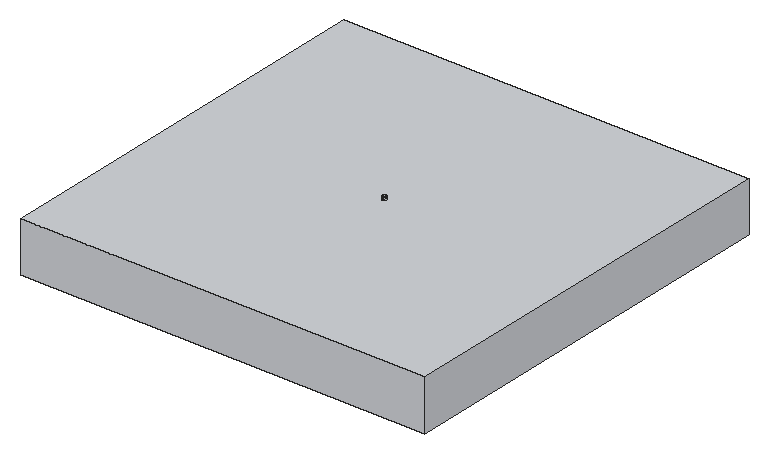
Revit family "Bolt KB-TZ2", category Modelos genéricos, Revit 2025
Family settings
  Anfitrión = Cara
  Puede alojar armadura = No
  Cota de conector redondo = Usar diámetro
  Tipo de pieza = Normal
  Corte con vacíos al cargar = No
  Mantener orientación de anotación = No
  Compartido = No
  Punto de cálculo de habitación = No
Parameters (values of type "HILTI KB-TZ2 1/2" x 5 1/2"")
  Ø = 12.7 mm
  b2 [instance] = 20 mm
  b [instance] = 60 mm
  Material = JG_Steel - Pernos
  Lookup Table Name = "Anchor & Bolt"
  L = 140 mm
  Default Elevation = 1219.2 mm
  10. SISTEMA = "ESTRUCTURAS"
  06. DESCRIPCION = "4 Anclajes Mecánicos de Expansión Tipo Kwik Bolt TZ2 para Fijación Estructural"
  03. CODIGO DE ELEMENTO = "MET-ARR-KBT-01"
  02. ELEMENTO = "Perno de Anclaje Tipo Kwik Bolt TZ2"
Reference planes
  plane 1 "Center (Front/Back)": y = 0
  plane 2: z = 0
  plane 3 "Center (Left/Right)": x = 0
  plane 4: z = -120
  plane 5: z = 20
  plane 6: z = -60
Forms (mm)
  Extrusion 1, solid
    sketch origin (0, 0, 0) x (1, 0, 0) y (0, 1, 0)
      loop
        line (-1219.2, 1219.2) -> (-1219.2, -1219.2) -> (1219.2, -1219.2) -> (1219.2, 1219.2) -> (-1219.2, 1219.2)
    from 0 to -304.8
  Sweep 2, solid, material "JG_Steel - Pernos" <- "Material"
    path origin (0, 0, 0) x (1, 0, 0) y (0, 0, 1)
      loop
        line (0, -60) -> (0, -120)
    profile origin (0, 0, -90) x (0, -1, 0) y (1, 0, 0)
      loop
        circle (0, 0) r 6.35
Dimensions and locks
  "b2": plane 5 to level
  "b": Extrusion 1 to plane 6
  "L": plane 5 to plane 4
  "Ø": diameter of Sweep 2 sketch curve
  aligned and locked: plane 2 to Extrusion 1
  aligned and locked: level to Extrusion 1
  aligned and locked: Sweep 2 sketch curve to plane 3 "Center (Left/Right)"
  aligned and locked: plane 3 "Center (Left/Right)" to Sweep 2 sketch curve
  aligned and locked: profile plane to plane 1 "Center (Front/Back)"
  aligned and locked: plane 4 to Sweep 2 sketch curve
  aligned and locked: plane 1 "Center (Front/Back)" to nested 1
  aligned and locked: nested 1 to plane 3 "Center (Left/Right)"
  aligned and locked: plane 6 to Sweep 2 sketch curve
  aligned and locked: plane 3 "Center (Left/Right)" to nested 2
  aligned and locked: plane 1 "Center (Front/Back)" to nested 2
  aligned and locked: nested 3 to plane 3 "Center (Left/Right)"
  aligned and locked: nested 3 to plane 1 "Center (Front/Back)"
Automatic sketch dimensions
  Extrusion 1 sketch curve to Extrusion 1 sketch curve = 2438.4 mm  (x2)
  plane 1 "Center (Front/Back)" to Sweep 2 sketch curve = 0 mm
Nested families
  nested 1: "Bolt Head Nut with Washer free" at (0, 0, 0) x (0, -1, 0) z (0, 0, 1), Material <- "Material", Nominal Ø <- "Ø", type "Bolt Head Nut with Washer free"
    with Nominal Ø 12.7 mm, Material JG_Steel - Pernos
  nested 2: "Rod with Detail free" at (0, 0, 0), Dimeter Rod Ø <- "Ø", Rod Length <- "b2", type "Rod with Detail free"
    with Rod Length 20 mm, Dimeter Rod Ø 12.7 mm, Bar Ø 10.1 mm
  nested 3: "Rod with Detail free" at (0, 0, -60) x (-1, 0, 0) z (0, 0, 1), Dimeter Rod Ø <- "Ø", Rod Length <- "b", type "Rod with Detail free"
    with Rod Length 60 mm, Dimeter Rod Ø 12.7 mm, Bar Ø 10.1 mm
Definition of nested family "Bolt Head Nut with Washer free"
  Parameters (values of type "Bolt Head Nut with Washer free")
    Nominal Ø [instance] = 16 mm
    Material [instance] = none
    Default Elevation = 1219.2 mm
  Reference planes
    plane 1 "Center (Front/Back)": y = 0
    plane 2: z = 0
    plane 3 "Center (Left/Right)": x = 0
  Forms (mm)
    Extrusion 1, solid
      sketch origin (0, 0, 0) x (1, 0, 0) y (0, 1, 0)
        loop
          line (-1219.2, 1219.2) -> (-1219.2, -1219.2) -> (1219.2, -1219.2) -> (1219.2, 1219.2) -> (-1219.2, 1219.2)
      from 0 to -304.8
  Dimensions and locks
    aligned and locked: plane 2 to Extrusion 1
    aligned and locked: level to Extrusion 1
    aligned and locked: nested 1 to plane 1 "Center (Front/Back)"
    aligned and locked: plane 3 "Center (Left/Right)" to nested 1
    aligned and locked: plane 3 "Center (Left/Right)" to nested 2
    aligned and locked: plane 1 "Center (Front/Back)" to nested 2
  Nested families
    nested 1: "Bold Nut free" at (0, 0, 3) x (0, 1, 0) z (0, 0, 1), Nominal Ø <- "Nominal Ø", Material <- "Material", type "Bold Nut free"
      with Thickness 10.4 mm, Nominal Ø 16 mm, Material none, Across Flat 26.4 mm, Across Corner 26.4 mm, AC1 30.36 mm
    nested 2: "Washer free" at (0, 0, 0), Nominal Ø <- "Nominal Ø", Material <- "Material", type "Washer free"
      with Thickness 3.2 mm, Outer Ø 32 mm, Nominal Ø 16 mm, Material none, Hole Ø 17.6 mm
  Definition of nested family "Bold Nut free"
    Parameters (values of type "Bold Nut free")
      Thickness [instance] = Nominal Ø * 0.65  # 10.4 mm
      Nominal Ø [instance] = 16 mm
      Material [instance] = none
      Default Elevation = 1219.2 mm
      Across Flat [instance] = Nominal Ø * 1.65  # 26.4 mm
      Across Corner [instance] = Nominal Ø * 1.65  # 26.4 mm
      AC1 [instance] = Across Corner * 1.15  # 30.36 mm
    Reference planes
      plane 1 "Center (Front/Back)": y = 0
      plane 2: z = 0
      plane 3 "Center (Left/Right)": x = 0
      plane 4: y = 13.2
      plane 5: y = -13.2
      plane 6: z = 10.4
    Forms (mm)
      Extrusion 1, solid
        sketch origin (0, 0, 0) x (1, 0, 0) y (0, 1, 0)
          loop
            line (-1219.2, 1219.2) -> (-1219.2, -1219.2) -> (1219.2, -1219.2) -> (1219.2, 1219.2) -> (-1219.2, 1219.2)
        from 0 to -304.8
      Extrusion 2, solid, material <- "Material"
        sketch origin (0, 0, 0) x (1, 0, 0) y (0, 1, 0)
          loop
            line (-7.621, 13.2) -> (-15.242, 0) -> (-7.621, -13.2) -> (7.621, -13.2) -> (15.242, 0) -> (7.621, 13.2) -> (-7.621, 13.2)
          loop
            circle (0, 0) r 8
        from 0 to 10.4
    Dimensions and locks
      equal spacing: plane 4, plane 1 "Center (Front/Back)", plane 5
      "Across Flat": plane 4 to plane 5
      equal spacing: Extrusion 2 sketch curve, plane 3 "Center (Left/Right)", Extrusion 2 sketch curve  (x2)
      "Across Flat": Extrusion 2 sketch curve to Extrusion 2 sketch curve  (x2)
      "Thickness": plane 6 to plane 2
      "Nominal Ø": diameter of Extrusion 2 sketch curve
      angle Extrusion 2 sketch curve to Extrusion 2 sketch curve = 120.00°  (x3)
      aligned and locked: plane 2 to Extrusion 1
      aligned and locked: level to Extrusion 1
      aligned and locked: plane 4 to Extrusion 2 sketch curve
      aligned and locked: Extrusion 2 sketch curve to plane 5
      aligned and locked: plane 6 to Extrusion 2
      aligned and locked: plane 3 "Center (Left/Right)" to Extrusion 2 sketch curve
      aligned and locked: plane 1 "Center (Front/Back)" to Extrusion 2 sketch curve
    Automatic sketch dimensions
      Extrusion 1 sketch curve to Extrusion 1 sketch curve = 2438.4 mm  (x2)
  Definition of nested family "Washer free"
    Parameters (values of type "Washer free")
      Thickness [instance] = Nominal Ø * 0.2  # 3.2 mm
      Outer Ø [instance] = Nominal Ø * 2  # 32 mm
      Nominal Ø [instance] = 16 mm
      Material [instance] = none
      Lookup Table Name = "Washer"
      Hole Ø [instance] = Nominal Ø * 1.1  # 17.6 mm
      Default Elevation = 1219.2 mm
    Reference planes
      plane 1 "Center (Front/Back)": y = 0
      plane 2: z = 0
      plane 3 "Center (Left/Right)": x = 0
      plane 4: z = 3.2
    Forms (mm)
      Extrusion 1, solid
        sketch origin (0, 0, 0) x (1, 0, 0) y (0, 1, 0)
          loop
            line (-1219.2, 1219.2) -> (-1219.2, -1219.2) -> (1219.2, -1219.2) -> (1219.2, 1219.2) -> (-1219.2, 1219.2)
        from 0 to -304.8
      Extrusion 2, solid, material <- "Material"
        sketch origin (0, 0, 0) x (1, 0, 0) y (0, 1, 0)
          loop
            circle (0, 0) r 16
          loop
            circle (0, 0) r 8.8
        from 0 to 3.2
    Dimensions and locks
      "Thickness": plane 4 to plane 2
      "Outer Ø": diameter of Extrusion 2 sketch curve
      "Hole Ø": diameter of Extrusion 2 sketch curve
      aligned and locked: plane 2 to Extrusion 1
      aligned and locked: level to Extrusion 1
      aligned and locked: plane 1 "Center (Front/Back)" to Extrusion 2 sketch curve  (x2)
      aligned and locked: plane 3 "Center (Left/Right)" to Extrusion 2 sketch curve  (x2)
      aligned and locked: plane 4 to Extrusion 2
    Automatic sketch dimensions
      Extrusion 1 sketch curve to Extrusion 1 sketch curve = 2438.4 mm  (x2)
Definition of nested family "Rod with Detail free"
  Parameters (values of type "Rod with Detail free")
    Rod Length [instance] = 70 mm
    Material = none
    Dimeter Rod Ø [instance] = 25.4 mm
    Default Elevation = 1219.2 mm
    Bar Ø [instance] = Dimeter Rod Ø - 2.6 mm  # 22.8 mm
  Reference planes
    plane 1 "Center (Front/Back)": y = 0
    plane 2: z = 0
    plane 3 "Center (Left/Right)": x = 0
    plane 4: z = 70
  Forms (mm)
    Extrusion 1, solid
      sketch origin (0, 0, 0) x (1, 0, 0) y (0, 1, 0)
        loop
          line (-1219.2, 1219.2) -> (-1219.2, -1219.2) -> (1219.2, -1219.2) -> (1219.2, 1219.2) -> (-1219.2, 1219.2)
      from 0 to -304.8
  Dimensions and locks
    "Rod Length": plane 4 to Extrusion 1
    aligned and locked: plane 2 to Extrusion 1
    aligned and locked: level to Extrusion 1
    aligned and locked: plane 1 "Center (Front/Back)" to nested 1
    aligned and locked: plane 3 "Center (Left/Right)" to nested 1
    aligned and locked: plane 1 "Center (Front/Back)" to nested 2
    aligned and locked: plane 3 "Center (Left/Right)" to nested 2
  Automatic sketch dimensions
    Extrusion 1 sketch curve to Extrusion 1 sketch curve = 2438.4 mm  (x2)
  Nested families
    nested 1: "Rod" at (0, 0, 0), Rod Material <- "Material", Rod L <- "Rod Length", Rod Ø <- "Bar Ø", type "Rod"
      with Rod Ø 22.8 mm, Rod Material none, Rod L 70 mm
    nested 2: "Rod Part" at (0, 0, 0), Rod Ø <- "Dimeter Rod Ø", Rod Length <- "Rod Length", type "Rod Part"
      with Rod Ø 25.4 mm, Rod radius 12.7 mm, Rod Length 70 mm, Array Numbers 46
  Definition of nested family "Rod"
    Parameters (values of type "Rod")
      Rod Ø [instance] = 32 mm
      Rod Material [instance] = none
      Rod L [instance] = 200 mm
      Default Elevation = 1219.2 mm
    Reference planes
      plane 1 "Center (Front/Back)": y = 0
      plane 2: z = 0
      plane 3 "Center (Left/Right)": x = 0
      plane 4: z = 200
    Forms (mm)
      Extrusion 1, solid
        sketch origin (0, 0, 0) x (1, 0, 0) y (0, 1, 0)
          loop
            line (-1219.2, 1219.2) -> (-1219.2, -1219.2) -> (1219.2, -1219.2) -> (1219.2, 1219.2) -> (-1219.2, 1219.2)
        from 0 to -304.8
      Extrusion 2, solid, material <- "Rod Material"
        sketch origin (0, 0, 0) x (1, 0, 0) y (0, 1, 0)
          loop
            circle (0, 0) r 16
        from 0 to 200
    Dimensions and locks
      "Rod L": plane 4 to Extrusion 1
      "Rod Ø": diameter of Extrusion 2 sketch curve
      aligned and locked: plane 2 to Extrusion 1
      aligned and locked: level to Extrusion 1
      aligned and locked: Extrusion 2 to Extrusion 1
      aligned and locked: plane 4 to Extrusion 2
    Automatic sketch dimensions
      Extrusion 1 sketch curve to Extrusion 1 sketch curve = 2438.4 mm  (x2)
      plane 1 "Center (Front/Back)" to Extrusion 2 sketch curve = 0 mm
      Extrusion 2 sketch curve to plane 3 "Center (Left/Right)" = 0 mm
  Definition of nested family "Rod Part"
    Parameters (values of type "Rod Part")
      Rod Ø [instance] = 16 mm
      Rod radius [instance] = Rod Ø / 2  # 8 mm
      Rod material = none
      Rod Length [instance] = 40 mm
      Default Elevation = 1219.2 mm
      Array Numbers [instance] = (Rod Length / 1.5 mm) - 1  # 26
    Reference planes
      plane 1 "Center (Front/Back)": y = 0
      plane 2: z = 0
      plane 3 "Center (Left/Right)": x = 0
      plane 4: x = 8
      plane 5: x = -8
      plane 6: z = 0.75
      plane 7: z = 2.25
      plane 8: z = 1.5
      plane 9: z = 40
      plane 10: z = 3
    Forms (mm)
      Extrusion 1, solid
        sketch origin (0, 0, 0) x (1, 0, 0) y (0, 1, 0)
          loop
            line (-1219.2, 1219.2) -> (-1219.2, -1219.2) -> (1219.2, -1219.2) -> (1219.2, 1219.2) -> (-1219.2, 1219.2)
        from 0 to -304.8
      SweptBlend 2, solid, material <- "Rod material"
        path origin (0, 0, -12.723) x (1, 0, 0) y (0, 1, 0)
          loop
            arc (-8, 0) -> (0, -8) -> (8, 0) r 8
        profile origin (-8, 0, -12.723) x (1, 0, 0) y (0, 0, 1)
          loop
            line (0, 12.75) -> (1.299, 12) -> (1.299, 13.5) -> (0, 12.75)
        end profile origin (8, 0, -12.723) x (-1, 0, 0) y (0, 0, 1)
          loop
            line (0, 12) -> (1.299, 11.25) -> (1.299, 12.75) -> (0, 12)
      SweptBlend 3, solid
        path origin (0, 0, -11.223) x (1, 0, 0) y (0, 1, 0)
          loop
            arc (-8, 0) -> (0, -8) -> (8, 0) r 8
        profile origin (-8, 0, -11.223) x (1, 0, 0) y (0, 0, 1)
          loop
            line (0, 12.75) -> (1.299, 12) -> (1.299, 13.5) -> (0, 12.75)
        end profile origin (8, 0, -11.223) x (-1, 0, 0) y (0, 0, 1)
          loop
            line (0, 12) -> (1.299, 11.25) -> (1.299, 12.75) -> (0, 12)
      SweptBlend 4, solid, material <- "Rod material"
        path origin (0, 0, -9.723) x (1, 0, 0) y (0, 1, 0)
          loop
            arc (-8, 0) -> (0, 8) -> (8, 0) r 8
        profile origin (-8, 0, -9.723) x (-1, 0, 0) y (0, 0, 1)
          loop
            line (0, 9.75) -> (-1.299, 10.5) -> (-1.299, 9) -> (0, 9.75)
        end profile origin (8, 0, -9.723) x (1, 0, 0) y (0, 0, 1)
          loop
            line (0, 10.5) -> (-1.299, 11.25) -> (-1.299, 9.75) -> (0, 10.5)
      SweptBlend 5, solid
        path origin (0, 0, -8.223) x (1, 0, 0) y (0, 1, 0)
          loop
            arc (-8, 0) -> (0, 8) -> (8, 0) r 8
        profile origin (-8, 0, -8.223) x (-1, 0, 0) y (0, 0, 1)
          loop
            line (0, 9.75) -> (-1.299, 10.5) -> (-1.299, 9) -> (0, 9.75)
        end profile origin (8, 0, -8.223) x (1, 0, 0) y (0, 0, 1)
          loop
            line (0, 10.5) -> (-1.299, 11.25) -> (-1.299, 9.75) -> (0, 10.5)
      SweptBlend 6, solid
        path origin (0, 0, -9.75) x (1, 0, 0) y (0, 1, 0)
          loop
            arc (-8, 0) -> (0, -8) -> (8, 0) r 8
        profile origin (-8, 0, -9.75) x (1, 0, 0) y (0, 0, 1)
          loop
            line (0, 12.75) -> (1.299, 12) -> (1.299, 13.5) -> (0, 12.75)
        end profile origin (8, 0, -9.75) x (-1, 0, 0) y (0, 0, 1)
          loop
            line (0, 12) -> (1.299, 11.25) -> (1.299, 12.75) -> (0, 12)
      SweptBlend 7, solid
        path origin (0, 0, -6.75) x (1, 0, 0) y (0, 1, 0)
          loop
            arc (-8, 0) -> (0, 8) -> (8, 0) r 8
        profile origin (-8, 0, -6.75) x (-1, 0, 0) y (0, 0, 1)
          loop
            line (0, 9.75) -> (-1.299, 10.5) -> (-1.299, 9) -> (0, 9.75)
        end profile origin (8, 0, -6.75) x (1, 0, 0) y (0, 0, 1)
          loop
            line (0, 10.5) -> (-1.299, 11.25) -> (-1.299, 9.75) -> (0, 10.5)
      SweptBlend 8, solid
        path origin (0, 0, -8.277) x (1, 0, 0) y (0, 1, 0)
          loop
            arc (-8, 0) -> (0, -8) -> (8, 0) r 8
        profile origin (-8, 0, -8.277) x (1, 0, 0) y (0, 0, 1)
          loop
            line (0, 12.75) -> (1.299, 12) -> (1.299, 13.5) -> (0, 12.75)
        end profile origin (8, 0, -8.277) x (-1, 0, 0) y (0, 0, 1)
          loop
            line (0, 12) -> (1.299, 11.25) -> (1.299, 12.75) -> (0, 12)
      SweptBlend 9, solid
        path origin (0, 0, -5.277) x (1, 0, 0) y (0, 1, 0)
          loop
            arc (-8, 0) -> (0, 8) -> (8, 0) r 8
        profile origin (-8, 0, -5.277) x (-1, 0, 0) y (0, 0, 1)
          loop
            line (0, 9.75) -> (-1.299, 10.5) -> (-1.299, 9) -> (0, 9.75)
        end profile origin (8, 0, -5.277) x (1, 0, 0) y (0, 0, 1)
          loop
            line (0, 10.5) -> (-1.299, 11.25) -> (-1.299, 9.75) -> (0, 10.5)
      SweptBlend 10, solid
        path origin (0, 0, -6.805) x (1, 0, 0) y (0, 1, 0)
          loop
            arc (-8, 0) -> (0, -8) -> (8, 0) r 8
        profile origin (-8, 0, -6.805) x (1, 0, 0) y (0, 0, 1)
          loop
            line (0, 12.75) -> (1.299, 12) -> (1.299, 13.5) -> (0, 12.75)
        end profile origin (8, 0, -6.805) x (-1, 0, 0) y (0, 0, 1)
          loop
            line (0, 12) -> (1.299, 11.25) -> (1.299, 12.75) -> (0, 12)
      SweptBlend 11, solid
        path origin (0, 0, -3.805) x (1, 0, 0) y (0, 1, 0)
          loop
            arc (-8, 0) -> (0, 8) -> (8, 0) r 8
        profile origin (-8, 0, -3.805) x (-1, 0, 0) y (0, 0, 1)
          loop
            line (0, 9.75) -> (-1.299, 10.5) -> (-1.299, 9) -> (0, 9.75)
        end profile origin (8, 0, -3.805) x (1, 0, 0) y (0, 0, 1)
          loop
            line (0, 10.5) -> (-1.299, 11.25) -> (-1.299, 9.75) -> (0, 10.5)
      SweptBlend 12, solid
        path origin (0, 0, -5.332) x (1, 0, 0) y (0, 1, 0)
          loop
            arc (-8, 0) -> (0, -8) -> (8, 0) r 8
        profile origin (-8, 0, -5.332) x (1, 0, 0) y (0, 0, 1)
          loop
            line (0, 12.75) -> (1.299, 12) -> (1.299, 13.5) -> (0, 12.75)
        end profile origin (8, 0, -5.332) x (-1, 0, 0) y (0, 0, 1)
          loop
            line (0, 12) -> (1.299, 11.25) -> (1.299, 12.75) -> (0, 12)
      SweptBlend 13, solid
        path origin (0, 0, -2.332) x (1, 0, 0) y (0, 1, 0)
          loop
            arc (-8, 0) -> (0, 8) -> (8, 0) r 8
        profile origin (-8, 0, -2.332) x (-1, 0, 0) y (0, 0, 1)
          loop
            line (0, 9.75) -> (-1.299, 10.5) -> (-1.299, 9) -> (0, 9.75)
        end profile origin (8, 0, -2.332) x (1, 0, 0) y (0, 0, 1)
          loop
            line (0, 10.5) -> (-1.299, 11.25) -> (-1.299, 9.75) -> (0, 10.5)
      SweptBlend 14, solid
        path origin (0, 0, -3.86) x (1, 0, 0) y (0, 1, 0)
          loop
            arc (-8, 0) -> (0, -8) -> (8, 0) r 8
        profile origin (-8, 0, -3.86) x (1, 0, 0) y (0, 0, 1)
          loop
            line (0, 12.75) -> (1.299, 12) -> (1.299, 13.5) -> (0, 12.75)
        end profile origin (8, 0, -3.86) x (-1, 0, 0) y (0, 0, 1)
          loop
            line (0, 12) -> (1.299, 11.25) -> (1.299, 12.75) -> (0, 12)
      SweptBlend 15, solid
        path origin (0, 0, -0.86) x (1, 0, 0) y (0, 1, 0)
          loop
            arc (-8, 0) -> (0, 8) -> (8, 0) r 8
        profile origin (-8, 0, -0.86) x (-1, 0, 0) y (0, 0, 1)
          loop
            line (0, 9.75) -> (-1.299, 10.5) -> (-1.299, 9) -> (0, 9.75)
        end profile origin (8, 0, -0.86) x (1, 0, 0) y (0, 0, 1)
          loop
            line (0, 10.5) -> (-1.299, 11.25) -> (-1.299, 9.75) -> (0, 10.5)
      SweptBlend 16, solid
        path origin (0, 0, -2.387) x (1, 0, 0) y (0, 1, 0)
          loop
            arc (-8, 0) -> (0, -8) -> (8, 0) r 8
        profile origin (-8, 0, -2.387) x (1, 0, 0) y (0, 0, 1)
          loop
            line (0, 12.75) -> (1.299, 12) -> (1.299, 13.5) -> (0, 12.75)
        end profile origin (8, 0, -2.387) x (-1, 0, 0) y (0, 0, 1)
          loop
            line (0, 12) -> (1.299, 11.25) -> (1.299, 12.75) -> (0, 12)
      SweptBlend 17, solid
        path origin (0, 0, 0.613) x (1, 0, 0) y (0, 1, 0)
          loop
            arc (-8, 0) -> (0, 8) -> (8, 0) r 8
        profile origin (-8, 0, 0.613) x (-1, 0, 0) y (0, 0, 1)
          loop
            line (0, 9.75) -> (-1.299, 10.5) -> (-1.299, 9) -> (0, 9.75)
        end profile origin (8, 0, 0.613) x (1, 0, 0) y (0, 0, 1)
          loop
            line (0, 10.5) -> (-1.299, 11.25) -> (-1.299, 9.75) -> (0, 10.5)
      SweptBlend 18, solid
        path origin (0, 0, -0.915) x (1, 0, 0) y (0, 1, 0)
          loop
            arc (-8, 0) -> (0, -8) -> (8, 0) r 8
        profile origin (-8, 0, -0.915) x (1, 0, 0) y (0, 0, 1)
          loop
            line (0, 12.75) -> (1.299, 12) -> (1.299, 13.5) -> (0, 12.75)
        end profile origin (8, 0, -0.915) x (-1, 0, 0) y (0, 0, 1)
          loop
            line (0, 12) -> (1.299, 11.25) -> (1.299, 12.75) -> (0, 12)
      SweptBlend 19, solid
        path origin (0, 0, 2.085) x (1, 0, 0) y (0, 1, 0)
          loop
            arc (-8, 0) -> (0, 8) -> (8, 0) r 8
        profile origin (-8, 0, 2.085) x (-1, 0, 0) y (0, 0, 1)
          loop
            line (0, 9.75) -> (-1.299, 10.5) -> (-1.299, 9) -> (0, 9.75)
        end profile origin (8, 0, 2.085) x (1, 0, 0) y (0, 0, 1)
          loop
            line (0, 10.5) -> (-1.299, 11.25) -> (-1.299, 9.75) -> (0, 10.5)
      SweptBlend 20, solid
        path origin (0, 0, 0.558) x (1, 0, 0) y (0, 1, 0)
          loop
            arc (-8, 0) -> (0, -8) -> (8, 0) r 8
        profile origin (-8, 0, 0.558) x (1, 0, 0) y (0, 0, 1)
          loop
            line (0, 12.75) -> (1.299, 12) -> (1.299, 13.5) -> (0, 12.75)
        end profile origin (8, 0, 0.558) x (-1, 0, 0) y (0, 0, 1)
          loop
            line (0, 12) -> (1.299, 11.25) -> (1.299, 12.75) -> (0, 12)
      SweptBlend 21, solid
        path origin (0, 0, 3.558) x (1, 0, 0) y (0, 1, 0)
          loop
            arc (-8, 0) -> (0, 8) -> (8, 0) r 8
        profile origin (-8, 0, 3.558) x (-1, 0, 0) y (0, 0, 1)
          loop
            line (0, 9.75) -> (-1.299, 10.5) -> (-1.299, 9) -> (0, 9.75)
        end profile origin (8, 0, 3.558) x (1, 0, 0) y (0, 0, 1)
          loop
            line (0, 10.5) -> (-1.299, 11.25) -> (-1.299, 9.75) -> (0, 10.5)
      SweptBlend 22, solid
        path origin (0, 0, 2.031) x (1, 0, 0) y (0, 1, 0)
          loop
            arc (-8, 0) -> (0, -8) -> (8, 0) r 8
        profile origin (-8, 0, 2.031) x (1, 0, 0) y (0, 0, 1)
          loop
            line (0, 12.75) -> (1.299, 12) -> (1.299, 13.5) -> (0, 12.75)
        end profile origin (8, 0, 2.031) x (-1, 0, 0) y (0, 0, 1)
          loop
            line (0, 12) -> (1.299, 11.25) -> (1.299, 12.75) -> (0, 12)
      SweptBlend 23, solid
        path origin (0, 0, 5.031) x (1, 0, 0) y (0, 1, 0)
          loop
            arc (-8, 0) -> (0, 8) -> (8, 0) r 8
        profile origin (-8, 0, 5.031) x (-1, 0, 0) y (0, 0, 1)
          loop
            line (0, 9.75) -> (-1.299, 10.5) -> (-1.299, 9) -> (0, 9.75)
        end profile origin (8, 0, 5.031) x (1, 0, 0) y (0, 0, 1)
          loop
            line (0, 10.5) -> (-1.299, 11.25) -> (-1.299, 9.75) -> (0, 10.5)
      SweptBlend 24, solid
        path origin (0, 0, 3.503) x (1, 0, 0) y (0, 1, 0)
          loop
            arc (-8, 0) -> (0, -8) -> (8, 0) r 8
        profile origin (-8, 0, 3.503) x (1, 0, 0) y (0, 0, 1)
          loop
            line (0, 12.75) -> (1.299, 12) -> (1.299, 13.5) -> (0, 12.75)
        end profile origin (8, 0, 3.503) x (-1, 0, 0) y (0, 0, 1)
          loop
            line (0, 12) -> (1.299, 11.25) -> (1.299, 12.75) -> (0, 12)
      SweptBlend 25, solid
        path origin (0, 0, 6.503) x (1, 0, 0) y (0, 1, 0)
          loop
            arc (-8, 0) -> (0, 8) -> (8, 0) r 8
        profile origin (-8, 0, 6.503) x (-1, 0, 0) y (0, 0, 1)
          loop
            line (0, 9.75) -> (-1.299, 10.5) -> (-1.299, 9) -> (0, 9.75)
        end profile origin (8, 0, 6.503) x (1, 0, 0) y (0, 0, 1)
          loop
            line (0, 10.5) -> (-1.299, 11.25) -> (-1.299, 9.75) -> (0, 10.5)
      SweptBlend 26, solid
        path origin (0, 0, 4.976) x (1, 0, 0) y (0, 1, 0)
          loop
            arc (-8, 0) -> (0, -8) -> (8, 0) r 8
        profile origin (-8, 0, 4.976) x (1, 0, 0) y (0, 0, 1)
          loop
            line (0, 12.75) -> (1.299, 12) -> (1.299, 13.5) -> (0, 12.75)
        end profile origin (8, 0, 4.976) x (-1, 0, 0) y (0, 0, 1)
          loop
            line (0, 12) -> (1.299, 11.25) -> (1.299, 12.75) -> (0, 12)
      SweptBlend 27, solid
        path origin (0, 0, 7.976) x (1, 0, 0) y (0, 1, 0)
          loop
            arc (-8, 0) -> (0, 8) -> (8, 0) r 8
        profile origin (-8, 0, 7.976) x (-1, 0, 0) y (0, 0, 1)
          loop
            line (0, 9.75) -> (-1.299, 10.5) -> (-1.299, 9) -> (0, 9.75)
        end profile origin (8, 0, 7.976) x (1, 0, 0) y (0, 0, 1)
          loop
            line (0, 10.5) -> (-1.299, 11.25) -> (-1.299, 9.75) -> (0, 10.5)
      SweptBlend 28, solid
        path origin (0, 0, 6.448) x (1, 0, 0) y (0, 1, 0)
          loop
            arc (-8, 0) -> (0, -8) -> (8, 0) r 8
        profile origin (-8, 0, 6.448) x (1, 0, 0) y (0, 0, 1)
          loop
            line (0, 12.75) -> (1.299, 12) -> (1.299, 13.5) -> (0, 12.75)
        end profile origin (8, 0, 6.448) x (-1, 0, 0) y (0, 0, 1)
          loop
            line (0, 12) -> (1.299, 11.25) -> (1.299, 12.75) -> (0, 12)
      SweptBlend 29, solid
        path origin (0, 0, 9.448) x (1, 0, 0) y (0, 1, 0)
          loop
            arc (-8, 0) -> (0, 8) -> (8, 0) r 8
        profile origin (-8, 0, 9.448) x (-1, 0, 0) y (0, 0, 1)
          loop
            line (0, 9.75) -> (-1.299, 10.5) -> (-1.299, 9) -> (0, 9.75)
        end profile origin (8, 0, 9.448) x (1, 0, 0) y (0, 0, 1)
          loop
            line (0, 10.5) -> (-1.299, 11.25) -> (-1.299, 9.75) -> (0, 10.5)
      SweptBlend 30, solid
        path origin (0, 0, 7.921) x (1, 0, 0) y (0, 1, 0)
          loop
            arc (-8, 0) -> (0, -8) -> (8, 0) r 8
        profile origin (-8, 0, 7.921) x (1, 0, 0) y (0, 0, 1)
          loop
            line (0, 12.75) -> (1.299, 12) -> (1.299, 13.5) -> (0, 12.75)
        end profile origin (8, 0, 7.921) x (-1, 0, 0) y (0, 0, 1)
          loop
            line (0, 12) -> (1.299, 11.25) -> (1.299, 12.75) -> (0, 12)
      SweptBlend 31, solid
        path origin (0, 0, 10.921) x (1, 0, 0) y (0, 1, 0)
          loop
            arc (-8, 0) -> (0, 8) -> (8, 0) r 8
        profile origin (-8, 0, 10.921) x (-1, 0, 0) y (0, 0, 1)
          loop
            line (0, 9.75) -> (-1.299, 10.5) -> (-1.299, 9) -> (0, 9.75)
        end profile origin (8, 0, 10.921) x (1, 0, 0) y (0, 0, 1)
          loop
            line (0, 10.5) -> (-1.299, 11.25) -> (-1.299, 9.75) -> (0, 10.5)
      SweptBlend 32, solid
        path origin (0, 0, 9.393) x (1, 0, 0) y (0, 1, 0)
          loop
            arc (-8, 0) -> (0, -8) -> (8, 0) r 8
        profile origin (-8, 0, 9.393) x (1, 0, 0) y (0, 0, 1)
          loop
            line (0, 12.75) -> (1.299, 12) -> (1.299, 13.5) -> (0, 12.75)
        end profile origin (8, 0, 9.393) x (-1, 0, 0) y (0, 0, 1)
          loop
            line (0, 12) -> (1.299, 11.25) -> (1.299, 12.75) -> (0, 12)
      SweptBlend 33, solid
        path origin (0, 0, 12.393) x (1, 0, 0) y (0, 1, 0)
          loop
            arc (-8, 0) -> (0, 8) -> (8, 0) r 8
        profile origin (-8, 0, 12.393) x (-1, 0, 0) y (0, 0, 1)
          loop
            line (0, 9.75) -> (-1.299, 10.5) -> (-1.299, 9) -> (0, 9.75)
        end profile origin (8, 0, 12.393) x (1, 0, 0) y (0, 0, 1)
          loop
            line (0, 10.5) -> (-1.299, 11.25) -> (-1.299, 9.75) -> (0, 10.5)
      SweptBlend 34, solid
        path origin (0, 0, 10.866) x (1, 0, 0) y (0, 1, 0)
          loop
            arc (-8, 0) -> (0, -8) -> (8, 0) r 8
        profile origin (-8, 0, 10.866) x (1, 0, 0) y (0, 0, 1)
          loop
            line (0, 12.75) -> (1.299, 12) -> (1.299, 13.5) -> (0, 12.75)
        end profile origin (8, 0, 10.866) x (-1, 0, 0) y (0, 0, 1)
          loop
            line (0, 12) -> (1.299, 11.25) -> (1.299, 12.75) -> (0, 12)
      SweptBlend 35, solid
        path origin (0, 0, 13.866) x (1, 0, 0) y (0, 1, 0)
          loop
            arc (-8, 0) -> (0, 8) -> (8, 0) r 8
        profile origin (-8, 0, 13.866) x (-1, 0, 0) y (0, 0, 1)
          loop
            line (0, 9.75) -> (-1.299, 10.5) -> (-1.299, 9) -> (0, 9.75)
        end profile origin (8, 0, 13.866) x (1, 0, 0) y (0, 0, 1)
          loop
            line (0, 10.5) -> (-1.299, 11.25) -> (-1.299, 9.75) -> (0, 10.5)
      SweptBlend 36, solid
        path origin (0, 0, 12.339) x (1, 0, 0) y (0, 1, 0)
          loop
            arc (-8, 0) -> (0, -8) -> (8, 0) r 8
        profile origin (-8, 0, 12.339) x (1, 0, 0) y (0, 0, 1)
          loop
            line (0, 12.75) -> (1.299, 12) -> (1.299, 13.5) -> (0, 12.75)
        end profile origin (8, 0, 12.339) x (-1, 0, 0) y (0, 0, 1)
          loop
            line (0, 12) -> (1.299, 11.25) -> (1.299, 12.75) -> (0, 12)
      SweptBlend 37, solid
        path origin (0, 0, 15.339) x (1, 0, 0) y (0, 1, 0)
          loop
            arc (-8, 0) -> (0, 8) -> (8, 0) r 8
        profile origin (-8, 0, 15.339) x (-1, 0, 0) y (0, 0, 1)
          loop
            line (0, 9.75) -> (-1.299, 10.5) -> (-1.299, 9) -> (0, 9.75)
        end profile origin (8, 0, 15.339) x (1, 0, 0) y (0, 0, 1)
          loop
            line (0, 10.5) -> (-1.299, 11.25) -> (-1.299, 9.75) -> (0, 10.5)
      SweptBlend 38, solid
        path origin (0, 0, 13.811) x (1, 0, 0) y (0, 1, 0)
          loop
            arc (-8, 0) -> (0, -8) -> (8, 0) r 8
        profile origin (-8, 0, 13.811) x (1, 0, 0) y (0, 0, 1)
          loop
            line (0, 12.75) -> (1.299, 12) -> (1.299, 13.5) -> (0, 12.75)
        end profile origin (8, 0, 13.811) x (-1, 0, 0) y (0, 0, 1)
          loop
            line (0, 12) -> (1.299, 11.25) -> (1.299, 12.75) -> (0, 12)
      SweptBlend 39, solid
        path origin (0, 0, 16.811) x (1, 0, 0) y (0, 1, 0)
          loop
            arc (-8, 0) -> (0, 8) -> (8, 0) r 8
        profile origin (-8, 0, 16.811) x (-1, 0, 0) y (0, 0, 1)
          loop
            line (0, 9.75) -> (-1.299, 10.5) -> (-1.299, 9) -> (0, 9.75)
        end profile origin (8, 0, 16.811) x (1, 0, 0) y (0, 0, 1)
          loop
            line (0, 10.5) -> (-1.299, 11.25) -> (-1.299, 9.75) -> (0, 10.5)
      SweptBlend 40, solid
        path origin (0, 0, 15.284) x (1, 0, 0) y (0, 1, 0)
          loop
            arc (-8, 0) -> (0, -8) -> (8, 0) r 8
        profile origin (-8, 0, 15.284) x (1, 0, 0) y (0, 0, 1)
          loop
            line (0, 12.75) -> (1.299, 12) -> (1.299, 13.5) -> (0, 12.75)
        end profile origin (8, 0, 15.284) x (-1, 0, 0) y (0, 0, 1)
          loop
            line (0, 12) -> (1.299, 11.25) -> (1.299, 12.75) -> (0, 12)
      SweptBlend 41, solid
        path origin (0, 0, 18.284) x (1, 0, 0) y (0, 1, 0)
          loop
            arc (-8, 0) -> (0, 8) -> (8, 0) r 8
        profile origin (-8, 0, 18.284) x (-1, 0, 0) y (0, 0, 1)
          loop
            line (0, 9.75) -> (-1.299, 10.5) -> (-1.299, 9) -> (0, 9.75)
        end profile origin (8, 0, 18.284) x (1, 0, 0) y (0, 0, 1)
          loop
            line (0, 10.5) -> (-1.299, 11.25) -> (-1.299, 9.75) -> (0, 10.5)
      SweptBlend 42, solid
        path origin (0, 0, 16.756) x (1, 0, 0) y (0, 1, 0)
          loop
            arc (-8, 0) -> (0, -8) -> (8, 0) r 8
        profile origin (-8, 0, 16.756) x (1, 0, 0) y (0, 0, 1)
          loop
            line (0, 12.75) -> (1.299, 12) -> (1.299, 13.5) -> (0, 12.75)
        end profile origin (8, 0, 16.756) x (-1, 0, 0) y (0, 0, 1)
          loop
            line (0, 12) -> (1.299, 11.25) -> (1.299, 12.75) -> (0, 12)
      SweptBlend 43, solid
        path origin (0, 0, 19.756) x (1, 0, 0) y (0, 1, 0)
          loop
            arc (-8, 0) -> (0, 8) -> (8, 0) r 8
        profile origin (-8, 0, 19.756) x (-1, 0, 0) y (0, 0, 1)
          loop
            line (0, 9.75) -> (-1.299, 10.5) -> (-1.299, 9) -> (0, 9.75)
        end profile origin (8, 0, 19.756) x (1, 0, 0) y (0, 0, 1)
          loop
            line (0, 10.5) -> (-1.299, 11.25) -> (-1.299, 9.75) -> (0, 10.5)
      SweptBlend 44, solid
        path origin (0, 0, 18.229) x (1, 0, 0) y (0, 1, 0)
          loop
            arc (-8, 0) -> (0, -8) -> (8, 0) r 8
        profile origin (-8, 0, 18.229) x (1, 0, 0) y (0, 0, 1)
          loop
            line (0, 12.75) -> (1.299, 12) -> (1.299, 13.5) -> (0, 12.75)
        end profile origin (8, 0, 18.229) x (-1, 0, 0) y (0, 0, 1)
          loop
            line (0, 12) -> (1.299, 11.25) -> (1.299, 12.75) -> (0, 12)
      SweptBlend 45, solid
        path origin (0, 0, 21.229) x (1, 0, 0) y (0, 1, 0)
          loop
            arc (-8, 0) -> (0, 8) -> (8, 0) r 8
        profile origin (-8, 0, 21.229) x (-1, 0, 0) y (0, 0, 1)
          loop
            line (0, 9.75) -> (-1.299, 10.5) -> (-1.299, 9) -> (0, 9.75)
        end profile origin (8, 0, 21.229) x (1, 0, 0) y (0, 0, 1)
          loop
            line (0, 10.5) -> (-1.299, 11.25) -> (-1.299, 9.75) -> (0, 10.5)
      SweptBlend 46, solid
        path origin (0, 0, 19.701) x (1, 0, 0) y (0, 1, 0)
          loop
            arc (-8, 0) -> (0, -8) -> (8, 0) r 8
        profile origin (-8, 0, 19.701) x (1, 0, 0) y (0, 0, 1)
          loop
            line (0, 12.75) -> (1.299, 12) -> (1.299, 13.5) -> (0, 12.75)
        end profile origin (8, 0, 19.701) x (-1, 0, 0) y (0, 0, 1)
          loop
            line (0, 12) -> (1.299, 11.25) -> (1.299, 12.75) -> (0, 12)
      SweptBlend 47, solid
        path origin (0, 0, 22.701) x (1, 0, 0) y (0, 1, 0)
          loop
            arc (-8, 0) -> (0, 8) -> (8, 0) r 8
        profile origin (-8, 0, 22.701) x (-1, 0, 0) y (0, 0, 1)
          loop
            line (0, 9.75) -> (-1.299, 10.5) -> (-1.299, 9) -> (0, 9.75)
        end profile origin (8, 0, 22.701) x (1, 0, 0) y (0, 0, 1)
          loop
            line (0, 10.5) -> (-1.299, 11.25) -> (-1.299, 9.75) -> (0, 10.5)
      SweptBlend 48, solid
        path origin (0, 0, 21.174) x (1, 0, 0) y (0, 1, 0)
          loop
            arc (-8, 0) -> (0, -8) -> (8, 0) r 8
        profile origin (-8, 0, 21.174) x (1, 0, 0) y (0, 0, 1)
          loop
            line (0, 12.75) -> (1.299, 12) -> (1.299, 13.5) -> (0, 12.75)
        end profile origin (8, 0, 21.174) x (-1, 0, 0) y (0, 0, 1)
          loop
            line (0, 12) -> (1.299, 11.25) -> (1.299, 12.75) -> (0, 12)
      SweptBlend 49, solid
        path origin (0, 0, 24.174) x (1, 0, 0) y (0, 1, 0)
          loop
            arc (-8, 0) -> (0, 8) -> (8, 0) r 8
        profile origin (-8, 0, 24.174) x (-1, 0, 0) y (0, 0, 1)
          loop
            line (0, 9.75) -> (-1.299, 10.5) -> (-1.299, 9) -> (0, 9.75)
        end profile origin (8, 0, 24.174) x (1, 0, 0) y (0, 0, 1)
          loop
            line (0, 10.5) -> (-1.299, 11.25) -> (-1.299, 9.75) -> (0, 10.5)
      SweptBlend 50, solid
        path origin (0, 0, 22.647) x (1, 0, 0) y (0, 1, 0)
          loop
            arc (-8, 0) -> (0, -8) -> (8, 0) r 8
        profile origin (-8, 0, 22.647) x (1, 0, 0) y (0, 0, 1)
          loop
            line (0, 12.75) -> (1.299, 12) -> (1.299, 13.5) -> (0, 12.75)
        end profile origin (8, 0, 22.647) x (-1, 0, 0) y (0, 0, 1)
          loop
            line (0, 12) -> (1.299, 11.25) -> (1.299, 12.75) -> (0, 12)
      SweptBlend 51, solid
        path origin (0, 0, 25.647) x (1, 0, 0) y (0, 1, 0)
          loop
            arc (-8, 0) -> (0, 8) -> (8, 0) r 8
        profile origin (-8, 0, 25.647) x (-1, 0, 0) y (0, 0, 1)
          loop
            line (0, 9.75) -> (-1.299, 10.5) -> (-1.299, 9) -> (0, 9.75)
        end profile origin (8, 0, 25.647) x (1, 0, 0) y (0, 0, 1)
          loop
            line (0, 10.5) -> (-1.299, 11.25) -> (-1.299, 9.75) -> (0, 10.5)
      SweptBlend 52, solid, material <- "Rod material"
        path origin (0, 0, 24.119) x (1, 0, 0) y (0, 1, 0)
          loop
            arc (-8, 0) -> (0, -8) -> (8, 0) r 8
        profile origin (-8, 0, 24.119) x (1, 0, 0) y (0, 0, 1)
          loop
            line (0, 12.75) -> (1.299, 12) -> (1.299, 13.5) -> (0, 12.75)
        end profile origin (8, 0, 24.119) x (-1, 0, 0) y (0, 0, 1)
          loop
            line (0, 12) -> (1.299, 11.25) -> (1.299, 12.75) -> (0, 12)
      SweptBlend 53, solid, material <- "Rod material"
        path origin (0, 0, 27.119) x (1, 0, 0) y (0, 1, 0)
          loop
            arc (-8, 0) -> (0, 8) -> (8, 0) r 8
        profile origin (-8, 0, 27.119) x (-1, 0, 0) y (0, 0, 1)
          loop
            line (0, 9.75) -> (-1.299, 10.5) -> (-1.299, 9) -> (0, 9.75)
        end profile origin (8, 0, 27.119) x (1, 0, 0) y (0, 0, 1)
          loop
            line (0, 10.5) -> (-1.299, 11.25) -> (-1.299, 9.75) -> (0, 10.5)
      SweptBlend 54, solid
        path origin (0, 0, 25.592) x (1, 0, 0) y (0, 1, 0)
          loop
            arc (-8, 0) -> (0, -8) -> (8, 0) r 8
        profile origin (-8, 0, 25.592) x (1, 0, 0) y (0, 0, 1)
          loop
            line (0, 12.75) -> (1.299, 12) -> (1.299, 13.5) -> (0, 12.75)
        end profile origin (8, 0, 25.592) x (-1, 0, 0) y (0, 0, 1)
          loop
            line (0, 12) -> (1.299, 11.25) -> (1.299, 12.75) -> (0, 12)
      SweptBlend 55, solid
        path origin (0, 0, 28.592) x (1, 0, 0) y (0, 1, 0)
          loop
            arc (-8, 0) -> (0, 8) -> (8, 0) r 8
        profile origin (-8, 0, 28.592) x (-1, 0, 0) y (0, 0, 1)
          loop
            line (0, 9.75) -> (-1.299, 10.5) -> (-1.299, 9) -> (0, 9.75)
        end profile origin (8, 0, 28.592) x (1, 0, 0) y (0, 0, 1)
          loop
            line (0, 10.5) -> (-1.299, 11.25) -> (-1.299, 9.75) -> (0, 10.5)
    Dimensions and locks
      equal spacing: plane 5, plane 3 "Center (Left/Right)", plane 4
      "Rod Ø": plane 5 to plane 4
      plane 6 to Extrusion 1 = 0.75 mm
      "Rod Length": plane 9 to Extrusion 1
      equal spacing: group 1, group 2, group 3, group 4, group 5, group 6, group 7, group 8, group 9, group 10, group 11, group 12, group 13, group 14, group 15, group 16, group 17, group 18, group 19, group 20, group 21, group 22, group 23, group 24, group 25, group 26  (x3)
      "Rod radius": radius of SweptBlend 2 sketch curve
      "Rod radius": radius of SweptBlend 3 sketch curve
      "Rod radius": radius of SweptBlend 4 sketch curve
      "Rod radius": radius of SweptBlend 5 sketch curve
      "Rod radius": radius of SweptBlend 6 sketch curve
      "Rod radius": radius of SweptBlend 7 sketch curve
      "Rod radius": radius of SweptBlend 8 sketch curve
      "Rod radius": radius of SweptBlend 9 sketch curve
      "Rod radius": radius of SweptBlend 10 sketch curve
      "Rod radius": radius of SweptBlend 11 sketch curve
      "Rod radius": radius of SweptBlend 12 sketch curve
      "Rod radius": radius of SweptBlend 13 sketch curve
      "Rod radius": radius of SweptBlend 14 sketch curve
      "Rod radius": radius of SweptBlend 15 sketch curve
      "Rod radius": radius of SweptBlend 16 sketch curve
      "Rod radius": radius of SweptBlend 17 sketch curve
      "Rod radius": radius of SweptBlend 18 sketch curve
      "Rod radius": radius of SweptBlend 19 sketch curve
      "Rod radius": radius of SweptBlend 20 sketch curve
      "Rod radius": radius of SweptBlend 21 sketch curve
      "Rod radius": radius of SweptBlend 22 sketch curve
      "Rod radius": radius of SweptBlend 23 sketch curve
      "Rod radius": radius of SweptBlend 24 sketch curve
      "Rod radius": radius of SweptBlend 25 sketch curve
      "Rod radius": radius of SweptBlend 26 sketch curve
      "Rod radius": radius of SweptBlend 27 sketch curve
      "Rod radius": radius of SweptBlend 28 sketch curve
      "Rod radius": radius of SweptBlend 29 sketch curve
      "Rod radius": radius of SweptBlend 30 sketch curve
      "Rod radius": radius of SweptBlend 31 sketch curve
      "Rod radius": radius of SweptBlend 32 sketch curve
      "Rod radius": radius of SweptBlend 33 sketch curve
      "Rod radius": radius of SweptBlend 34 sketch curve
      "Rod radius": radius of SweptBlend 35 sketch curve
      "Rod radius": radius of SweptBlend 36 sketch curve
      "Rod radius": radius of SweptBlend 37 sketch curve
      "Rod radius": radius of SweptBlend 38 sketch curve
      "Rod radius": radius of SweptBlend 39 sketch curve
      "Rod radius": radius of SweptBlend 40 sketch curve
      "Rod radius": radius of SweptBlend 41 sketch curve
      "Rod radius": radius of SweptBlend 42 sketch curve
      "Rod radius": radius of SweptBlend 43 sketch curve
      "Rod radius": radius of SweptBlend 44 sketch curve
      "Rod radius": radius of SweptBlend 45 sketch curve
      "Rod radius": radius of SweptBlend 46 sketch curve
      "Rod radius": radius of SweptBlend 47 sketch curve
      "Rod radius": radius of SweptBlend 48 sketch curve
      "Rod radius": radius of SweptBlend 49 sketch curve
      "Rod radius": radius of SweptBlend 50 sketch curve
      "Rod radius": radius of SweptBlend 51 sketch curve
      "Rod radius": radius of SweptBlend 52 sketch curve
      "Rod radius": radius of SweptBlend 53 sketch curve
      "Rod radius": radius of SweptBlend 54 sketch curve
      "Rod radius": radius of SweptBlend 55 sketch curve
      aligned and locked: plane 2 to Extrusion 1
      aligned and locked: level to Extrusion 1
    Automatic sketch dimensions
      Extrusion 1 sketch curve to Extrusion 1 sketch curve = 2438.4 mm  (x2)
      profile plane to SweptBlend 2 sketch curve = 0 mm
      SweptBlend 2 sketch curve to profile plane = 1.299 mm  (x2)
      profile plane to SweptBlend 2 sketch curve = 12 mm
      SweptBlend 2 sketch curve to SweptBlend 2 sketch curve = 0.75 mm  (x4)
      SweptBlend 2 sketch curve to profile plane = 0 mm
      profile plane to SweptBlend 3 sketch curve = 0 mm  (x2)
      SweptBlend 3 sketch curve to profile plane = 1.299 mm  (x4)
      profile plane to SweptBlend 3 sketch curve = 12 mm  (x2)
      SweptBlend 3 sketch curve to profile plane = 0 mm  (x2)
      SweptBlend 4 sketch curve to profile plane = 0 mm
      profile plane to SweptBlend 4 sketch curve = 1.299 mm  (x2)
      SweptBlend 4 sketch curve to SweptBlend 4 sketch curve = 0.75 mm  (x2)
      SweptBlend 4 sketch curve to SweptBlend 4 sketch curve = 1.5 mm  (x2)
      profile plane to SweptBlend 4 sketch curve = 0 mm
      SweptBlend 5 sketch curve to profile plane = 0 mm  (x2)
      profile plane to SweptBlend 5 sketch curve = 1.299 mm  (x4)
      profile plane to SweptBlend 5 sketch curve = 9 mm  (x2)
      profile plane to SweptBlend 5 sketch curve = 0 mm  (x2)
      SweptBlend 5 sketch curve to SweptBlend 5 sketch curve = 0.75 mm  (x2)
      SweptBlend 5 sketch curve to SweptBlend 5 sketch curve = 1.5 mm  (x2)
      profile plane to SweptBlend 2 sketch curve = 11.25 mm
      profile plane to SweptBlend 4 sketch curve = 9 mm
      profile plane to SweptBlend 4 sketch curve = 9.75 mm
      SweptBlend 3 sketch curve to SweptBlend 3 sketch curve = 0.75 mm  (x4)
      profile plane to SweptBlend 3 sketch curve = 11.25 mm
      profile plane to SweptBlend 5 sketch curve = 9.75 mm
      SweptBlend 7 sketch curve to SweptBlend 7 sketch curve = 0.75 mm  (x2)
      SweptBlend 7 sketch curve to SweptBlend 7 sketch curve = 1.5 mm  (x2)
      SweptBlend 6 sketch curve to SweptBlend 6 sketch curve = 0.75 mm  (x4)
      profile plane to SweptBlend 6 sketch curve = 11.25 mm
      SweptBlend 7 sketch curve to profile plane = 0 mm
      profile plane to SweptBlend 7 sketch curve = 1.299 mm  (x2)
      profile plane to SweptBlend 7 sketch curve = 9 mm
      profile plane to SweptBlend 7 sketch curve = 0 mm
      profile plane to SweptBlend 7 sketch curve = 9.75 mm
      profile plane to SweptBlend 6 sketch curve = 0 mm
      SweptBlend 6 sketch curve to profile plane = 1.299 mm  (x2)
      profile plane to SweptBlend 6 sketch curve = 12 mm
      SweptBlend 6 sketch curve to profile plane = 0 mm
      SweptBlend 9 sketch curve to SweptBlend 9 sketch curve = 0.75 mm  (x2)
      SweptBlend 9 sketch curve to SweptBlend 9 sketch curve = 1.5 mm  (x2)
      SweptBlend 8 sketch curve to SweptBlend 8 sketch curve = 0.75 mm  (x4)
      profile plane to SweptBlend 8 sketch curve = 11.25 mm
      SweptBlend 9 sketch curve to profile plane = 0 mm
      profile plane to SweptBlend 9 sketch curve = 1.299 mm  (x2)
      profile plane to SweptBlend 9 sketch curve = 9 mm
      profile plane to SweptBlend 9 sketch curve = 0 mm
      profile plane to SweptBlend 9 sketch curve = 9.75 mm
      profile plane to SweptBlend 8 sketch curve = 0 mm
      SweptBlend 8 sketch curve to profile plane = 1.299 mm  (x2)
      profile plane to SweptBlend 8 sketch curve = 12 mm
      SweptBlend 8 sketch curve to profile plane = 0 mm
      SweptBlend 11 sketch curve to SweptBlend 11 sketch curve = 0.75 mm  (x2)
      SweptBlend 11 sketch curve to SweptBlend 11 sketch curve = 1.5 mm  (x2)
      SweptBlend 10 sketch curve to SweptBlend 10 sketch curve = 0.75 mm  (x4)
      profile plane to SweptBlend 10 sketch curve = 11.25 mm
      SweptBlend 11 sketch curve to profile plane = 0 mm
      profile plane to SweptBlend 11 sketch curve = 1.299 mm  (x2)
      profile plane to SweptBlend 11 sketch curve = 9 mm
      profile plane to SweptBlend 11 sketch curve = 0 mm
      profile plane to SweptBlend 11 sketch curve = 9.75 mm
      profile plane to SweptBlend 10 sketch curve = 0 mm
      SweptBlend 10 sketch curve to profile plane = 1.299 mm  (x2)
      profile plane to SweptBlend 10 sketch curve = 12 mm
      SweptBlend 10 sketch curve to profile plane = 0 mm
      SweptBlend 13 sketch curve to SweptBlend 13 sketch curve = 0.75 mm  (x2)
      SweptBlend 13 sketch curve to SweptBlend 13 sketch curve = 1.5 mm  (x2)
      SweptBlend 12 sketch curve to SweptBlend 12 sketch curve = 0.75 mm  (x4)
      profile plane to SweptBlend 12 sketch curve = 11.25 mm
      SweptBlend 13 sketch curve to profile plane = 0 mm
      profile plane to SweptBlend 13 sketch curve = 1.299 mm  (x2)
      profile plane to SweptBlend 13 sketch curve = 9 mm
      profile plane to SweptBlend 13 sketch curve = 0 mm
      profile plane to SweptBlend 13 sketch curve = 9.75 mm
      profile plane to SweptBlend 12 sketch curve = 0 mm
      SweptBlend 12 sketch curve to profile plane = 1.299 mm  (x2)
      profile plane to SweptBlend 12 sketch curve = 12 mm
      SweptBlend 12 sketch curve to profile plane = 0 mm
      SweptBlend 15 sketch curve to SweptBlend 15 sketch curve = 0.75 mm  (x2)
      SweptBlend 15 sketch curve to SweptBlend 15 sketch curve = 1.5 mm  (x2)
      SweptBlend 14 sketch curve to SweptBlend 14 sketch curve = 0.75 mm  (x4)
      profile plane to SweptBlend 14 sketch curve = 11.25 mm
      SweptBlend 15 sketch curve to profile plane = 0 mm
      profile plane to SweptBlend 15 sketch curve = 1.299 mm  (x2)
      profile plane to SweptBlend 15 sketch curve = 9 mm
      profile plane to SweptBlend 15 sketch curve = 0 mm
      profile plane to SweptBlend 15 sketch curve = 9.75 mm
      profile plane to SweptBlend 14 sketch curve = 0 mm
      SweptBlend 14 sketch curve to profile plane = 1.299 mm  (x2)
      profile plane to SweptBlend 14 sketch curve = 12 mm
      SweptBlend 14 sketch curve to profile plane = 0 mm
      SweptBlend 17 sketch curve to SweptBlend 17 sketch curve = 0.75 mm  (x2)
      SweptBlend 17 sketch curve to SweptBlend 17 sketch curve = 1.5 mm  (x2)
      SweptBlend 16 sketch curve to SweptBlend 16 sketch curve = 0.75 mm  (x4)
      profile plane to SweptBlend 16 sketch curve = 11.25 mm
      SweptBlend 17 sketch curve to profile plane = 0 mm
      profile plane to SweptBlend 17 sketch curve = 1.299 mm  (x2)
      profile plane to SweptBlend 17 sketch curve = 9 mm
      profile plane to SweptBlend 17 sketch curve = 0 mm
      profile plane to SweptBlend 17 sketch curve = 9.75 mm
      profile plane to SweptBlend 16 sketch curve = 0 mm
      SweptBlend 16 sketch curve to profile plane = 1.299 mm  (x2)
      profile plane to SweptBlend 16 sketch curve = 12 mm
      SweptBlend 16 sketch curve to profile plane = 0 mm
      SweptBlend 19 sketch curve to SweptBlend 19 sketch curve = 0.75 mm  (x2)
      SweptBlend 19 sketch curve to SweptBlend 19 sketch curve = 1.5 mm  (x2)
      SweptBlend 18 sketch curve to SweptBlend 18 sketch curve = 0.75 mm  (x4)
      profile plane to SweptBlend 18 sketch curve = 11.25 mm
      SweptBlend 19 sketch curve to profile plane = 0 mm
      profile plane to SweptBlend 19 sketch curve = 1.299 mm  (x2)
      profile plane to SweptBlend 19 sketch curve = 9 mm
      profile plane to SweptBlend 19 sketch curve = 0 mm
      profile plane to SweptBlend 19 sketch curve = 9.75 mm
      profile plane to SweptBlend 18 sketch curve = 0 mm
      SweptBlend 18 sketch curve to profile plane = 1.299 mm  (x2)
      profile plane to SweptBlend 18 sketch curve = 12 mm
      SweptBlend 18 sketch curve to profile plane = 0 mm
      SweptBlend 21 sketch curve to SweptBlend 21 sketch curve = 0.75 mm  (x2)
      SweptBlend 21 sketch curve to SweptBlend 21 sketch curve = 1.5 mm  (x2)
      SweptBlend 20 sketch curve to SweptBlend 20 sketch curve = 0.75 mm  (x4)
      profile plane to SweptBlend 20 sketch curve = 11.25 mm
      SweptBlend 21 sketch curve to profile plane = 0 mm
      profile plane to SweptBlend 21 sketch curve = 1.299 mm  (x2)
      profile plane to SweptBlend 21 sketch curve = 9 mm
      profile plane to SweptBlend 21 sketch curve = 0 mm
      profile plane to SweptBlend 21 sketch curve = 9.75 mm
      profile plane to SweptBlend 20 sketch curve = 0 mm
      SweptBlend 20 sketch curve to profile plane = 1.299 mm  (x2)
      profile plane to SweptBlend 20 sketch curve = 12 mm
      SweptBlend 20 sketch curve to profile plane = 0 mm
      SweptBlend 23 sketch curve to SweptBlend 23 sketch curve = 0.75 mm  (x2)
      SweptBlend 23 sketch curve to SweptBlend 23 sketch curve = 1.5 mm  (x2)
      SweptBlend 22 sketch curve to SweptBlend 22 sketch curve = 0.75 mm  (x4)
      profile plane to SweptBlend 22 sketch curve = 11.25 mm
      SweptBlend 23 sketch curve to profile plane = 0 mm
      profile plane to SweptBlend 23 sketch curve = 1.299 mm  (x2)
      profile plane to SweptBlend 23 sketch curve = 9 mm
      profile plane to SweptBlend 23 sketch curve = 0 mm
      profile plane to SweptBlend 23 sketch curve = 9.75 mm
      profile plane to SweptBlend 22 sketch curve = 0 mm
      SweptBlend 22 sketch curve to profile plane = 1.299 mm  (x2)
      profile plane to SweptBlend 22 sketch curve = 12 mm
      SweptBlend 22 sketch curve to profile plane = 0 mm
      SweptBlend 25 sketch curve to SweptBlend 25 sketch curve = 0.75 mm  (x2)
      SweptBlend 25 sketch curve to SweptBlend 25 sketch curve = 1.5 mm  (x2)
      SweptBlend 24 sketch curve to SweptBlend 24 sketch curve = 0.75 mm  (x4)
      profile plane to SweptBlend 24 sketch curve = 11.25 mm
      SweptBlend 25 sketch curve to profile plane = 0 mm
      profile plane to SweptBlend 25 sketch curve = 1.299 mm  (x2)
      profile plane to SweptBlend 25 sketch curve = 9 mm
      profile plane to SweptBlend 25 sketch curve = 0 mm
      profile plane to SweptBlend 25 sketch curve = 9.75 mm
      profile plane to SweptBlend 24 sketch curve = 0 mm
      SweptBlend 24 sketch curve to profile plane = 1.299 mm  (x2)
      profile plane to SweptBlend 24 sketch curve = 12 mm
      SweptBlend 24 sketch curve to profile plane = 0 mm
      SweptBlend 27 sketch curve to SweptBlend 27 sketch curve = 0.75 mm  (x2)
      SweptBlend 27 sketch curve to SweptBlend 27 sketch curve = 1.5 mm  (x2)
      SweptBlend 26 sketch curve to SweptBlend 26 sketch curve = 0.75 mm  (x4)
      profile plane to SweptBlend 26 sketch curve = 11.25 mm
      SweptBlend 27 sketch curve to profile plane = 0 mm
      profile plane to SweptBlend 27 sketch curve = 1.299 mm  (x2)
      profile plane to SweptBlend 27 sketch curve = 9 mm
      profile plane to SweptBlend 27 sketch curve = 0 mm
      profile plane to SweptBlend 27 sketch curve = 9.75 mm
      profile plane to SweptBlend 26 sketch curve = 0 mm
      SweptBlend 26 sketch curve to profile plane = 1.299 mm  (x2)
      profile plane to SweptBlend 26 sketch curve = 12 mm
      SweptBlend 26 sketch curve to profile plane = 0 mm
      SweptBlend 29 sketch curve to SweptBlend 29 sketch curve = 0.75 mm  (x2)
      SweptBlend 29 sketch curve to SweptBlend 29 sketch curve = 1.5 mm  (x2)
      SweptBlend 28 sketch curve to SweptBlend 28 sketch curve = 0.75 mm  (x4)
      profile plane to SweptBlend 28 sketch curve = 11.25 mm
      SweptBlend 29 sketch curve to profile plane = 0 mm
      profile plane to SweptBlend 29 sketch curve = 1.299 mm  (x2)
      profile plane to SweptBlend 29 sketch curve = 9 mm
      profile plane to SweptBlend 29 sketch curve = 0 mm
      profile plane to SweptBlend 29 sketch curve = 9.75 mm
      profile plane to SweptBlend 28 sketch curve = 0 mm
      SweptBlend 28 sketch curve to profile plane = 1.299 mm  (x2)
      profile plane to SweptBlend 28 sketch curve = 12 mm
      SweptBlend 28 sketch curve to profile plane = 0 mm
      SweptBlend 31 sketch curve to SweptBlend 31 sketch curve = 0.75 mm  (x2)
      SweptBlend 31 sketch curve to SweptBlend 31 sketch curve = 1.5 mm  (x2)
      SweptBlend 30 sketch curve to SweptBlend 30 sketch curve = 0.75 mm  (x4)
      profile plane to SweptBlend 30 sketch curve = 11.25 mm
      SweptBlend 31 sketch curve to profile plane = 0 mm
      profile plane to SweptBlend 31 sketch curve = 1.299 mm  (x2)
      profile plane to SweptBlend 31 sketch curve = 9 mm
      profile plane to SweptBlend 31 sketch curve = 0 mm
      profile plane to SweptBlend 31 sketch curve = 9.75 mm
      profile plane to SweptBlend 30 sketch curve = 0 mm
      SweptBlend 30 sketch curve to profile plane = 1.299 mm  (x2)
      profile plane to SweptBlend 30 sketch curve = 12 mm
      SweptBlend 30 sketch curve to profile plane = 0 mm
      SweptBlend 33 sketch curve to SweptBlend 33 sketch curve = 0.75 mm  (x2)
      SweptBlend 33 sketch curve to SweptBlend 33 sketch curve = 1.5 mm  (x2)
      SweptBlend 32 sketch curve to SweptBlend 32 sketch curve = 0.75 mm  (x4)
      profile plane to SweptBlend 32 sketch curve = 11.25 mm
      SweptBlend 33 sketch curve to profile plane = 0 mm
      profile plane to SweptBlend 33 sketch curve = 1.299 mm  (x2)
      profile plane to SweptBlend 33 sketch curve = 9 mm
      profile plane to SweptBlend 33 sketch curve = 0 mm
      profile plane to SweptBlend 33 sketch curve = 9.75 mm
      profile plane to SweptBlend 32 sketch curve = 0 mm
      SweptBlend 32 sketch curve to profile plane = 1.299 mm  (x2)
      profile plane to SweptBlend 32 sketch curve = 12 mm
      SweptBlend 32 sketch curve to profile plane = 0 mm
      SweptBlend 35 sketch curve to SweptBlend 35 sketch curve = 0.75 mm  (x2)
      SweptBlend 35 sketch curve to SweptBlend 35 sketch curve = 1.5 mm  (x2)
      SweptBlend 34 sketch curve to SweptBlend 34 sketch curve = 0.75 mm  (x4)
      profile plane to SweptBlend 34 sketch curve = 11.25 mm
      SweptBlend 35 sketch curve to profile plane = 0 mm
      profile plane to SweptBlend 35 sketch curve = 1.299 mm  (x2)
      profile plane to SweptBlend 35 sketch curve = 9 mm
      profile plane to SweptBlend 35 sketch curve = 0 mm
      profile plane to SweptBlend 35 sketch curve = 9.75 mm
      profile plane to SweptBlend 34 sketch curve = 0 mm
      SweptBlend 34 sketch curve to profile plane = 1.299 mm  (x2)
      profile plane to SweptBlend 34 sketch curve = 12 mm
      SweptBlend 34 sketch curve to profile plane = 0 mm
      SweptBlend 37 sketch curve to SweptBlend 37 sketch curve = 0.75 mm  (x2)
      SweptBlend 37 sketch curve to SweptBlend 37 sketch curve = 1.5 mm  (x2)
      SweptBlend 36 sketch curve to SweptBlend 36 sketch curve = 0.75 mm  (x4)
      profile plane to SweptBlend 36 sketch curve = 11.25 mm
      SweptBlend 37 sketch curve to profile plane = 0 mm
      profile plane to SweptBlend 37 sketch curve = 1.299 mm  (x2)
      profile plane to SweptBlend 37 sketch curve = 9 mm
      profile plane to SweptBlend 37 sketch curve = 0 mm
      profile plane to SweptBlend 37 sketch curve = 9.75 mm
      profile plane to SweptBlend 36 sketch curve = 0 mm
      SweptBlend 36 sketch curve to profile plane = 1.299 mm  (x2)
      profile plane to SweptBlend 36 sketch curve = 12 mm
      SweptBlend 36 sketch curve to profile plane = 0 mm
      SweptBlend 39 sketch curve to SweptBlend 39 sketch curve = 0.75 mm  (x2)
      SweptBlend 39 sketch curve to SweptBlend 39 sketch curve = 1.5 mm  (x2)
      SweptBlend 38 sketch curve to SweptBlend 38 sketch curve = 0.75 mm  (x4)
      profile plane to SweptBlend 38 sketch curve = 11.25 mm
      SweptBlend 39 sketch curve to profile plane = 0 mm
      profile plane to SweptBlend 39 sketch curve = 1.299 mm  (x2)
      profile plane to SweptBlend 39 sketch curve = 9 mm
      profile plane to SweptBlend 39 sketch curve = 0 mm
      profile plane to SweptBlend 39 sketch curve = 9.75 mm
      profile plane to SweptBlend 38 sketch curve = 0 mm
      SweptBlend 38 sketch curve to profile plane = 1.299 mm  (x2)
      profile plane to SweptBlend 38 sketch curve = 12 mm
      SweptBlend 38 sketch curve to profile plane = 0 mm
      SweptBlend 41 sketch curve to SweptBlend 41 sketch curve = 0.75 mm  (x2)
      SweptBlend 41 sketch curve to SweptBlend 41 sketch curve = 1.5 mm  (x2)
      SweptBlend 40 sketch curve to SweptBlend 40 sketch curve = 0.75 mm  (x4)
      profile plane to SweptBlend 40 sketch curve = 11.25 mm
      SweptBlend 41 sketch curve to profile plane = 0 mm
      profile plane to SweptBlend 41 sketch curve = 1.299 mm  (x2)
      profile plane to SweptBlend 41 sketch curve = 9 mm
      profile plane to SweptBlend 41 sketch curve = 0 mm
      profile plane to SweptBlend 41 sketch curve = 9.75 mm
      profile plane to SweptBlend 40 sketch curve = 0 mm
      SweptBlend 40 sketch curve to profile plane = 1.299 mm  (x2)
      profile plane to SweptBlend 40 sketch curve = 12 mm
      SweptBlend 40 sketch curve to profile plane = 0 mm
